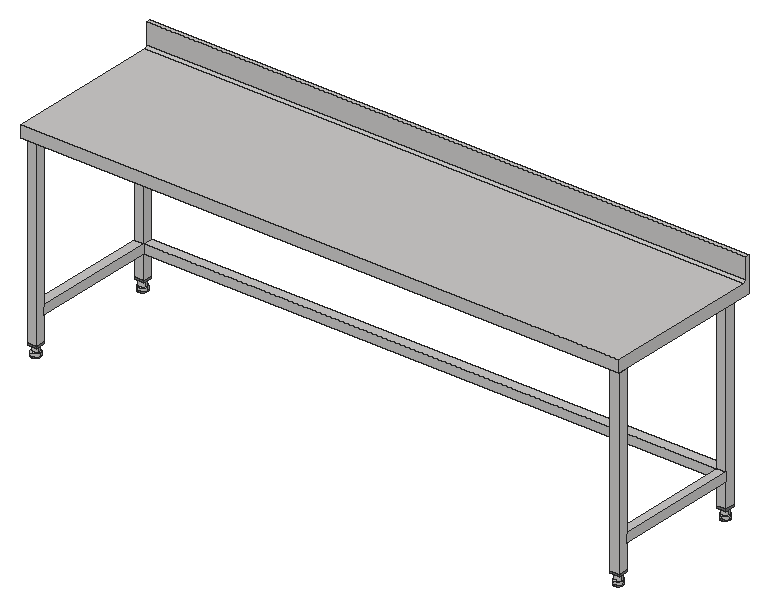
Revit family "QF_ELECTROLUXPROFESSIONAL_133239_TG2600UN", category Attrezzature speciali, Revit 2020
Family settings
  Quota connettore circolare = Usa diametro
  Tipo di parte = Normale
  Basato su piano di lavoro = No
  Sempre verticale = Sì
  Taglio con vuoti quando caricato = No
  Condiviso = No
  Punto di calcolo locali = No
Parameters (values of type "Standard")
  Weight = 91.00 kg
  Watts = 0 W
  Volts = 0 V
  URL Manufacturer = "https://www.electroluxprofessional.com/"
  URL = "https://www.electroluxprofessional.com/"
  Steam Supply Size = 0 mm
  Steam Supply Minimum Pressure = 0.0 Pa
  Steam Supply Maximum Pressure = 0.0 Pa
  Steam Consumption per Hour = 0
  Refrigeration Suction Line Size = 0.0 mm
  Refrigeration Liquid Line Size = 0.0 mm
  Refrigerant Compressor Remote = yes
  Prospetto di default = 0.0 mm
  Produttore = "Electrolux Professional"
  Phase = 0
  Modello = "TG2600UN"
  Length Actual = 2600.0 mm  # constant formula
  Item Number = "133239"
  Hot Water Size = 0 mm
  Height Actual = 1000.0 mm  # constant formula
  HP = "0 HP"
  Gas Size = 0 mm
  Gas KW = 0
  Gas Input Pressure = 0 W
  Direct Waste Size = 0 mm
  Descrizione = "WORK TABLE WITH UPSTAND 2600 MM+UNDERFRAME"
  Depth Actual = 700.0 mm  # constant formula
  Cycle = 0 Hz
  Condensate Return Size = 0 mm
  Compressed Air Volume = 0.0 L/s
  Compressed Air Size = 0 mm
  Compressed Air Pressure = 0.0 Pa
  Cold Water Size = 0 mm
  Accessory = yes
Reference planes
  plane 1 "Center (Front/Back)": y = 0
  plane 2: z = 0
  plane 3 "Center (Left/Right)": x = -800
  plane 4 "LEFT": x = -2100
  plane 5 "RIGHT": x = 500
  plane 6 "BACK": y = 350
  plane 7 "FRONT": y = -350
  plane 8 "Base": z = 850
  plane 9 "TOP": z = 900
  plane 10: x = -2064.5
  plane 11: x = 464.5
  plane 12: y = 269.5
  plane 13: y = -310.5
Forms (mm)
  Extrusion 1, solid, material "QF_Finishes_Stainless Steel"
    sketch origin (-800, 0, 0) x (0, 1, 0) y (0, 0, 1)
      loop
        line (-350, 850) -> (350, 850) -> (350, 1000) -> (337, 1000) -> (337, 910)
        arc (337, 910) -> (334.071, 902.929) -> (327, 900) r 10
        line (327, 900) -> (-350, 900) -> (-350, 850)
    from 1300 to -1300
  Extrusion 2, solid, material "QF_Finishes_Stainless Steel"
    sketch origin (-800, 0, 0) x (0, 1, 0) y (0, 0, 1)
      loop
        line (249.5, 195) -> (249.5, 155) -> (289.5, 155) -> (289.5, 195) -> (249.5, 195)
    from 1244.5 to -1244.5
  Extrusion 3, solid, material "QF_Finishes_Stainless Steel"
    sketch origin (0, 0, 0) x (1, 0, 0) y (0, 0, 1)
      loop
        line (-2044.5, 195) -> (-2084.5, 195) -> (-2084.5, 155) -> (-2044.5, 155) -> (-2044.5, 195)
      loop
        line (484.5, 195) -> (444.5, 195) -> (444.5, 155) -> (484.5, 155) -> (484.5, 195)
    from 290.5 to -249.5
Lines and regions (mm)
  symbolic lines
    curve 1: line (500, 350, 900) -> (-2100, 350, 900)
    curve 2: line (-2100, 350, 900) -> (-2100, -350, 900)
    curve 3: line (-2100, -350, 900) -> (500, -350, 900)
    curve 4: line (500, -350, 900) -> (500, 350, 900)
    curve 5: line (500, 337, 900) -> (-2100, 337, 900)
Dimensions and locks
  plane 4 "LEFT" to plane 5 "RIGHT" = 2600.0 mm
  equal spacing: plane 4 "LEFT", plane 3 "Center (Left/Right)", plane 5 "RIGHT"
  locked: plane 8 "Base" to level at 850
  plane 4 "LEFT" to plane 10 = 35.5 mm
  plane 11 to plane 5 "RIGHT" = 35.5 mm
  plane 10 to plane 11 = 2529.0 mm
  locked: Extrusion 1 to level at 1000
  plane 9 "TOP" to level = 900.0 mm
  plane 6 "BACK" to plane 12 = 80.5 mm
  plane 13 to plane 7 "FRONT" = 39.5 mm
  plane 6 "BACK" to plane 7 "FRONT" = 700.0 mm
  plane 12 to plane 13 = 580.0 mm
  equal spacing: plane 6 "BACK", plane 1 "Center (Front/Back)", plane 7 "FRONT"
  aligned and locked: level to plane 2
  aligned and locked: plane 11 to nested 2
  aligned and locked: nested 2 to plane 12
  aligned and locked: plane 10 to nested 1
  aligned and locked: nested 1 to plane 12
  aligned and locked: Extrusion 1 to plane 4 "LEFT"
  aligned and locked: plane 5 "RIGHT" to Extrusion 1
  aligned and locked: curve 2 to plane 4 "LEFT"
  aligned and locked: Extrusion 3 to nested 1
  aligned and locked: nested 4 to nested 3
  aligned and locked: plane 10 to nested 4
Automatic sketch dimensions
  curve 3 to plane 7 "FRONT" = 0.0 mm
  curve 5 to plane 5 "RIGHT" = 0.0 mm
  curve 4 to plane 6 "BACK" = 0.0 mm
  curve 5 to plane 6 "BACK" = 13.0 mm
  Extrusion 1 sketch curve to plane 7 "FRONT" = 0.0 mm
  Extrusion 1 sketch curve to plane 9 "TOP" = 0.0 mm
  Extrusion 1 sketch curve to plane 6 "BACK" = 0.0 mm
  Extrusion 1 sketch curve to plane 8 "Base" = 0.0 mm
  plane 9 "TOP" to Extrusion 1 sketch curve = 10.0 mm
  Extrusion 1 sketch curve to plane 6 "BACK" = 23.0 mm
  Extrusion 1 sketch curve to Extrusion 1 sketch curve = 90.0 mm
  Extrusion 2 sketch curve to plane 12 = 20.0 mm
  plane 12 to Extrusion 2 sketch curve = 20.0 mm
  level to Extrusion 2 sketch curve = 155.0 mm
  Extrusion 2 sketch curve to Extrusion 2 sketch curve = 40.0 mm
  plane 4 "LEFT" to Extrusion 3 sketch curve = 15.5 mm
  plane 10 to Extrusion 3 sketch curve = 20.0 mm
  Extrusion 3 sketch curve to plane 11 = 20.0 mm
  Extrusion 3 sketch curve to plane 5 "RIGHT" = 15.5 mm
  level to Extrusion 3 sketch curve = 155.0 mm  (x2)
  Extrusion 3 sketch curve to Extrusion 3 sketch curve = 40.0 mm  (x2)
Nested families
  nested 1: "FEET_40x40_APP42" at (-2064.5, 269.5, 0), type "FEET_40x40_APP42"
  nested 2: "FEET_40x40_APP42" at (464.5, 269.5, 0), type "FEET_40x40_APP42"
  nested 3: "FEET_40x40_APP42" at (464.5, -310.5, 0), type "FEET_40x40_APP42"
  nested 4: "FEET_40x40_APP42" at (-2064.5, -310.5, 0), type "FEET_40x40_APP42"
Definition of nested family "FEET_40x40_APP42"
  Parameters
    Default Elevation = 0.0 mm
    FEET = 850.0 mm
  Reference planes
    plane 1 "Center (Front/Back)": y = 0
    plane 2: z = 0
    plane 3 "Center (Left/Right)": x = 0
    plane 4: z = 850
  Forms (mm)
    Extrusion 1, solid
      sketch origin (0, 0, 0) x (1, 0, 0) y (0, 1, 0)
        loop
          line (-20, -20) -> (20, -20) -> (20, 20) -> (-20, 20) -> (-20, -20)
      from 50 to 845
    Extrusion 2, solid
      sketch origin (0, 0, 0) x (1, 0, 0) y (0, 1, 0)
        loop
          circle (0, 0) r 20
      from 0 to 5
    Extrusion 3, solid
      sketch origin (0, 0, 0) x (1, 0, 0) y (0, 1, 0)
        loop
          line (30, 30) -> (-30, 30) -> (-30, -30) -> (30, -30) -> (30, 30)
      from 845 to 850
    Extrusion 4, solid
      sketch origin (0, 0, 0) x (1, 0, 0) y (0, 1, 0)
        loop
          line (-20, -20) -> (20, -20) -> (20, 20) -> (-20, 20) -> (-20, -20)
      from 50 to 42
    Revolve 5, solid
      sketch origin (0, 0, 0) x (1, 0, 0) y (0, 0, 1)
        loop
          line (0, 42) -> (-15, 42) -> (-15, 20) -> (-20, 15) -> (-20, 5) -> (0, 5) -> (0, 42)
        axis (0, 42) -> (0, 5)
      angle from 0 to 360
  Lines and regions (mm)
    symbolic lines
      curve 1: line (0, -1.503, 0) -> (0, 1.508, 0)
      curve 2: line (1.561, 0, 0) -> (-1.439, 0, 0)
  Dimensions and locks
    "FEET": plane 4 to plane 2
    aligned and locked: level to plane 2
  Automatic sketch dimensions
    plane 1 "Center (Front/Back)" to curve 2 = 0.0 mm
    curve 1 to plane 3 "Center (Left/Right)" = 0.0 mm
    curve 2 to plane 3 "Center (Left/Right)" = 1.439 mm
    plane 3 "Center (Left/Right)" to curve 2 = 1.561 mm
    plane 1 "Center (Front/Back)" to curve 1 = 1.503 mm
    curve 1 to plane 1 "Center (Front/Back)" = 1.508 mm
    Extrusion 1 sketch curve to plane 3 "Center (Left/Right)" = 20.0 mm
    plane 3 "Center (Left/Right)" to Extrusion 1 sketch curve = 20.0 mm
    plane 1 "Center (Front/Back)" to Extrusion 1 sketch curve = 20.0 mm
    Extrusion 1 sketch curve to plane 1 "Center (Front/Back)" = 20.0 mm
    plane 1 "Center (Front/Back)" to Extrusion 2 sketch curve = 0.0 mm
    Extrusion 2 sketch curve to plane 3 "Center (Left/Right)" = 0.0 mm
    Extrusion 3 sketch curve to plane 3 "Center (Left/Right)" = 30.0 mm
    plane 3 "Center (Left/Right)" to Extrusion 3 sketch curve = 30.0 mm
    plane 1 "Center (Front/Back)" to Extrusion 3 sketch curve = 30.0 mm
    Extrusion 3 sketch curve to plane 1 "Center (Front/Back)" = 30.0 mm
    Extrusion 4 sketch curve to plane 3 "Center (Left/Right)" = 20.0 mm
    plane 3 "Center (Left/Right)" to Extrusion 4 sketch curve = 20.0 mm
    plane 1 "Center (Front/Back)" to Extrusion 4 sketch curve = 20.0 mm
    Extrusion 4 sketch curve to plane 1 "Center (Front/Back)" = 20.0 mm
    Revolve 5 sketch curve to plane 3 "Center (Left/Right)" = 0.0 mm  (x2)
    Revolve 5 sketch curve to plane 3 "Center (Left/Right)" = 15.0 mm
    Revolve 5 sketch curve to Revolve 5 sketch curve = 5.0 mm  (x3)
    level to Revolve 5 sketch curve = 5.0 mm
    Revolve 5 sketch curve to Revolve 5 sketch curve = 10.0 mm
    Revolve 5 sketch curve to Revolve 5 sketch curve = 22.0 mm
    Revolve 5 sketch curve to level = 9.561 mm
    radius of Extrusion 2 sketch curve = 20.0 mm
